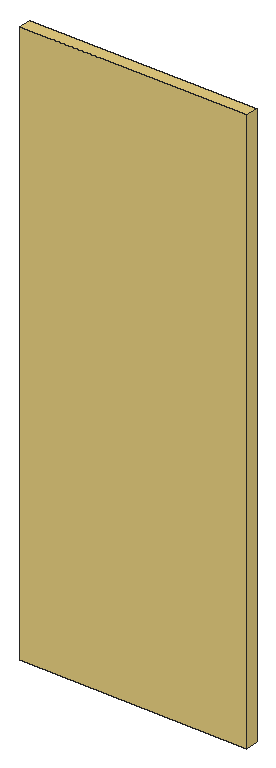
Revit family "DSP_A3-Flush-Panel-Door", category Generic Models, Revit 2016
Family settings
  Part Type = Undefined
  Can host rebar = No
  Round Connector Dimension = Use Diameter
  Work Plane-Based = No
  Always vertical = Yes
  Cut with Voids When Loaded = No
  Shared = No
  Room Calculation Point = No
Parameters (values of type "Door")
  URL for TCP = "http://www.tcpbim.co.za"
  URL = "http://www.a3architects.co.za/"
  Panel Width = 813 mm
  Panel Thickness = 44 mm
  Panel Material = Meranti Wood
  Panel Height = 2032 mm
  Manufacturer = "A3 Architects"
  Madde by = "Tolani Civil Projects cc"
Reference planes
  plane 1 "Center (Front/Back)": y = 0
  plane 2: z = 0
  plane 3 "Center (Left/Right)": x = 0
  plane 4: x = -406.5
  plane 5: y = 22
  plane 6: y = -22
  plane 7: x = 406.5
  plane 8: z = 2032
Forms (mm)
  Sweep 1, solid, material "Meranti Wood" <- "Panel Material"
    path origin (0, 0, 0) x (1, 0, 0) y (0, 0, 1)
      loop
        line (0, 0) -> (0, 2032)
    profile origin (0, 0, 1016) x (-1, 0, 0) y (0, -1, 0)
      loop
        line (406.5, -22) -> (406.5, 22) -> (-406.5, 22) -> (-406.5, -22) -> (406.5, -22)
Dimensions and locks
  equal spacing: plane 4, plane 3 "Center (Left/Right)", plane 7
  "Panel Width": plane 4 to plane 7
  equal spacing: plane 5, plane 1 "Center (Front/Back)", plane 6
  "Panel Thickness": plane 5 to plane 6
  "Panel Height": plane 8 to level
  aligned and locked: plane 8 to Sweep 1 sketch curve
  aligned and locked: level to Sweep 1 sketch curve
  aligned and locked: plane 3 "Center (Left/Right)" to Sweep 1 sketch curve
  aligned and locked: plane 4 to Sweep 1 sketch curve
  aligned and locked: Sweep 1 sketch curve to plane 5
  aligned and locked: plane 6 to Sweep 1 sketch curve
  aligned and locked: plane 7 to Sweep 1 sketch curve
